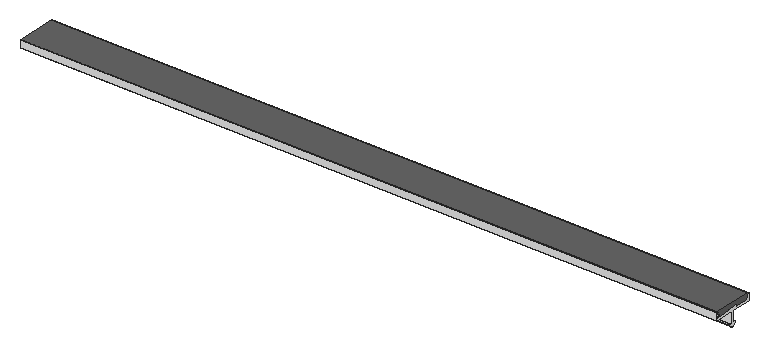
Revit family "Stair_Tread-Wooster-Spectra_Safety_Treads-WP24_WP24A", category Specialty Equipment, host Face, Revit 2017
Family settings
  Host = Face
  Round Connector Dimension = Use Diameter
  Part Type = Normal
  OmniClass Number = 23.30.70.21.11.11.11
  OmniClass Title = Stair Nosings
  Cut with Voids When Loaded = No
  Shared = No
  Room Calculation Point = No
Parameters (values of type "WP24A")
  Width [instance] = 0' - 2 1/16"  # constant formula
  Version = "2017 - v2.0a"  # constant formula
  URL = "http://www.wooster-products.com/"
  Support Phone = "(224) 699-9545"  # constant formula
  Support Email = "mailto:support@anguleris.com"
  Safety Tread [instance] = Filler - Wooster - Black - Abrasive Filler
  Product Page URL = "http://www.woosterproducts.com/products/extruded-aluminum/spectra/"
  Product Name = "Spectra Nosings and Title 24"  # constant formula
  Product Documentation Link = "http://www.woosterproducts.com/spec/WP24A.pdf"
  New Construction = yes
  Model = "WP24A"
  Material = ""
  Manufacturer Phone Number = "1-800-321-4936 or 330-264-2844"  # constant formula
  Manufacturer Fax Number = "330-262-4151"  # constant formula
  Manufacturer Email = "mailto:tim@wooster-products.com"
  Manufacturer Address = "1000 Spruce Street, P.O. BOX 6005, Wooster, OH. 44691"  # constant formula
  Manufacturer = "Wooster Productions Inc"  # constant formula
  Length Constraint [instance] = if(Length > 10' 0", 10' 0", Length)  # 3' - 0"
  Length [instance] = 3' - 0"
  Existing Construction = not(New Construction)  # no
  Description = "Anti-Slip Stair Nosing"  # constant formula
  Depth = 0' - 0 3/8"
  Default Elevation = 0' - 0"  # constant formula
  Copyright = "Wooster Products Inc. 2019"  # constant formula
Types (3): name | Product Documentation Link | New Construction | Model | Existing Construction
  (no name) | "http://wooster-products.com/pub/Specs/WP24A.pdf" | yes | "WP24A" | no
  WP24 | "http://www.woosterproducts.com/spec/WP24.pdf" | no | "WP24" | yes
  WP24A | "http://www.woosterproducts.com/spec/WP24A.pdf" | yes | "WP24A" | no
Values of the unnamed type that differ from the named types
  Support Email = ""
  Product Page URL = "http://www.wooster-products.com/Spectra_Safety_Treads.html"
  Manufacturer Email = ""
Reference planes (in)
  plane 1 "Center (Front/Back)": y = 0
  plane 2: z = 0
  plane 3 "Center (Left/Right)": x = 0
  plane 4 "Left": x = -18
  plane 5 "Right": x = 18
  plane 6 "Back": y = 1.03125
  plane 7 "Front": y = -1.03125
  plane 8 "Bottom": z = -0.35938
  plane 9: z = 0.01562
Forms (in)
  Extrusion 1, void
    sketch origin (0, 0, 0) x (1, 0, 0) y (0, 1, 0)
      loop
        line (-18, 1.03125) -> (-18, -1.03125) -> (18, -1.03125) -> (18, 1.03125) -> (-18, 1.03125)
    from -0.35938 to 0
  Sweep 2, solid, material "Filler - Wooster - Black - Abrasive Filler" <- "Safety Tread"
    path origin (0, 24.00284, 0.01562) x (0, 1, 0) y (-1, 0, 0)
      loop
        line (-24.00284, -18) -> (-24.00284, 18)
    profile "WP24 Abrassive Filler : WP24 Abrassive Filler" origin (0, 0, 0.01562) x (0, -1, 0) y (0, 0, 1)
      loop
        line (-1.03125, 0) -> (-0.90627, -0.14903) -> (-0.94806, -0.305) -> (-0.22479, -0.305) -> (-0.24998, -0.211) -> (0.25001, -0.211) -> (0.22483, -0.305) -> (0.94805, -0.305) -> (0.90625, -0.149) -> (1.03125, 0) -> (-1.03125, 0)
  Sweep 3, solid, material "Metal - Wooster - Extruded Aluminum", visible <- "Existing Construction"
    path origin (0, 24.00284, 0.01562) x (0, 1, 0) y (-1, 0, 0)
      loop
        line (-24.00284, 18) -> (-24.00284, -18)
    profile "WP24 Aluminum Base : WP24 Aluminum Base" origin (0, 0, 0.01562) x (0, 1, 0) y (0, 0, 1)
      loop
        line (-1.03125, -0.375) -> (1.03125, -0.375) -> (1.03125, 0) -> (0.90625, -0.149) -> (0.94805, -0.30499) -> (0.22483, -0.30499) -> (0.25001, -0.21099) -> (-0.24998, -0.21099) -> (-0.22479, -0.30499) -> (-0.94806, -0.30499) -> (-0.90627, -0.14902) -> (-1.03125, 0) -> (-1.03125, -0.375)
  Sweep 4, solid, material "Metal - Wooster - Extruded Aluminum", visible <- "New Construction"
    path origin (0, 24.00284, 0.01562) x (0, 1, 0) y (-1, 0, 0)
      loop
        line (-24.00284, 18) -> (-24.00284, -18)
    profile "WP24A Aluminum Base : WP24A Aluminum Base" origin (0, 0, 0.01562) x (0, 1, 0) y (0, 0, 1)
      loop
        line (-1.03125, -0.375) -> (-0.07825, -0.375)
        arc (-0.07825, -0.375) -> (-0.04502, -0.38877) -> (-0.03125, -0.422) r 0.047
        line (-0.03125, -0.422) -> (-0.03125, -1.01969) -> (-0.15598, -0.91996) -> (-0.15625, -0.9999) -> (0, -1.12502) -> (0.15625, -0.99991) -> (0.15625, -0.91974) -> (0.03125, -1.01969) -> (0.03125, -0.422)
        arc (0.03125, -0.422) -> (0.04502, -0.38877) -> (0.07825, -0.375) r 0.047
        line (0.07825, -0.375) -> (1.03125, -0.375) -> (1.03125, 0) -> (0.90625, -0.149) -> (0.94805, -0.305) -> (0.22483, -0.305) -> (0.25001, -0.211) -> (-0.24998, -0.211) -> (-0.22479, -0.305) -> (-0.94806, -0.305) -> (-0.90627, -0.14903) -> (-1.03125, 0) -> (-1.03125, -0.375)
Lines and regions (in)
  Masking region 1
    outline origin (0, 0, 0) x (1, 0, 0) y (0, 1, 0)
      loop
        line (-18, 1.03075) -> (-18, -1.03125) -> (18, -1.03125) -> (18, 1.03075) -> (-18, 1.03075)
Dimensions and locks (in)
  equal spacing: plane 4 "Left", plane 3 "Center (Left/Right)", plane 5 "Right"
  "Length Constraint": plane 4 "Left" to plane 5 "Right"
  equal spacing: plane 7 "Front", plane 1 "Center (Front/Back)", plane 6 "Back"
  "Width": plane 7 "Front" to plane 6 "Back"
  "Depth": plane 9 to plane 8 "Bottom"
  locked: plane 2 to plane 8 "Bottom" at 0.35938
  aligned and locked: plane 2 to host face
  aligned and locked: level to host face
  aligned and locked: Extrusion 1 to plane 6 "Back"
  aligned and locked: plane 7 "Front" to Extrusion 1
  aligned and locked: Extrusion 1 to plane 4 "Left"
  aligned and locked: Extrusion 1 to plane 5 "Right"
  aligned and locked: level to Extrusion 1
  aligned and locked: Extrusion 1 to plane 8 "Bottom"
  aligned and locked: Sweep 2 sketch curve to plane 1 "Center (Front/Back)"
  aligned and locked: plane 4 "Left" to Sweep 2 sketch curve
  aligned and locked: plane 5 "Right" to Sweep 2 sketch curve
  aligned and locked: plane 1 "Center (Front/Back)" to Sweep 3 sketch curve
  aligned and locked: plane 5 "Right" to Sweep 3 sketch curve
  aligned and locked: plane 4 "Left" to Sweep 3 sketch curve
  aligned and locked: plane 1 "Center (Front/Back)" to Sweep 4 sketch curve
  aligned and locked: plane 5 "Right" to Sweep 4 sketch curve
  aligned and locked: plane 4 "Left" to Sweep 4 sketch curve
Automatic sketch dimensions
  host sketch curve to host sketch curve = 8' - 0"
  host sketch curve to host sketch curve = 4' - 0"
  Extrusion 1 sketch curve to plane 4 "Left" = 0' - 0"
  Extrusion 1 sketch curve to plane 6 "Back" = 0' - 2 1/16"
  Extrusion 1 sketch curve to Extrusion 1 sketch curve = 0' - 2 1/16"
  Extrusion 1 sketch curve to plane 5 "Right" = 0' - 0"
  Masking region 1 sketch curve to plane 4 "Left" = 0' - 0"
  Masking region 1 sketch curve to plane 5 "Right" = 0' - 0"
  plane 7 "Front" to Masking region 1 sketch curve = 0' - 0"
  Masking region 1 sketch curve to plane 6 "Back" = 0' - 0.0005"
